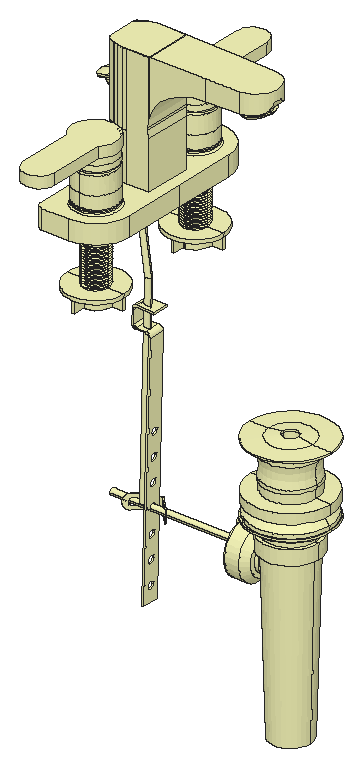
Revit family "SLC-6712", category Plumbing Fixtures, host Face, Revit 2019
Family settings
  Host = Face
  Round Connector Dimension = Use Diameter
  Part Type = Normal
  OmniClass Number = 23.65.70.11.11
  OmniClass Title = Fixtures for Liquids
  Cut with Voids When Loaded = No
  Shared = No
  Room Calculation Point = No
Parameters (values of type "1.5 GPM Flow Restrictor, Satin Nickel")
  z Has Trim = no
  z Has Rebuild Kit Trim Only = no
  Waste Connection = no
  Vent Connection = no
  URL = ""
  Product Material = Nickel - Symmons - Satin
  Model = ""
  Manufacturer = ""
  HW Connection = no
  Gallons Per Minute = 1.500 GPM
  Description = ""
  Default Elevation = 0.000"
  Date Modified = ""
  Date Created = ""
  CW Connection = no
Types (6): name | Product Material | Gallons Per Minute
  0.5 GPM Flow Restrictor, Polished Chrome | Chrome - Symmons - Polished | 0.500 GPM
  0.5 GPM Flow Restrictor, Satin Nickel | Nickel - Symmons - Satin | 0.500 GPM
  1.0 GPM Flow Restrictor, Satin Nickel | Nickel - Symmons - Satin | 1.000 GPM
  1.5 GPM Flow Restrictor, Satin Nickel | Nickel - Symmons - Satin | 1.500 GPM
  1.0 GPM Flow Restrictor, Polished Chrome | Chrome - Symmons - Polished | 1.000 GPM
  1.5 GPM Flow Restrictor, Polished Chrome | Chrome - Symmons - Polished | 1.500 GPM
Reference planes (in)
  plane 1 "Center (Front/Back)": y = 0
  plane 2 "Center (Elevation)": z = 0
  plane 3 "Center (Left/Right)": x = 0
  plane 4: z = 0
  plane 5: z = 0
  plane 6 "BP1": y = 2.7455
  plane 7 "BP2": y = 0.68907
Forms (in)
  Extrusion 1, solid, material "Default", not visible
    sketch origin (0.05, 0, 0) x (1, 0, 0) y (0, 1, 0)
      loop
        line (-1.33341, 3.70601) -> (-1.33341, -3.44131) -> (1.1847, -3.44131) -> (1.1847, 3.70601) -> (-1.33341, 3.70601)
    from 0 to -0.15
  Extrusion 2, solid, material "Nickel - Symmons - Satin" <- "Product Material"
    sketch origin (0, 0, 0) x (1, 0, 0) y (0, 1, 0)
      loop
        line (-0.04009, -2.90679) -> (0.03991, -2.90679) -> (0.03991, -2.55466)
        arc (0.03991, -2.55466) -> (0.40384, -2.40392) -> (0.55458, -2.04) r 0.51466
        line (0.55458, -2.04) -> (0.9067, -2.04) -> (0.9067, -1.96) -> (0.55458, -1.96)
        arc (0.55458, -1.96) -> (0.40384, -1.59608) -> (0.03991, -1.44534) r 0.51466
        line (0.03991, -1.44534) -> (0.03991, -1.09321) -> (-0.04009, -1.09321) -> (-0.04009, -1.44534)
        arc (-0.04009, -1.44534) -> (-0.40401, -1.59608) -> (-0.55475, -1.96) r 0.51466
        line (-0.55475, -1.96) -> (-0.90688, -1.96) -> (-0.90688, -2.04) -> (-0.55475, -2.04)
        arc (-0.55475, -2.04) -> (-0.40401, -2.40392) -> (-0.04009, -2.55466) r 0.51466
        line (-0.04009, -2.55466) -> (-0.04009, -2.90679)
    from -1.80746 to -2.17244
  Revolve 3, solid, material "Nickel - Symmons - Satin" <- "Product Material"
    sketch origin (0, 0, 0) x (1, 0, 0) y (0, 0, 1)
      loop
        line (4.92461, -5.34169) -> (4.67877, -13.99962) -> (5.31322, -14.01763) -> (5.46691, -8.60503) -> (5.59009, -8.60503) -> (5.59839, -8.12963) -> (5.47424, -8.12963) -> (5.47424, -7.87963) -> (5.6412, -7.88255) -> (5.7635, -7.83803) -> (5.7635, -7.71866) -> (5.64532, -7.66604) -> (5.98515, -7.67561) -> (5.98515, -7.61531) -> (5.94192, -7.61531) -> (5.94192, -7.50404) -> (5.69618, -7.1895) -> (5.96106, -7.19412) -> (5.9665, -6.88264) -> (5.50076, -6.86638) -> (5.50076, -6.56005) -> (5.53179, -6.56005) -> (5.53179, -6.45607)
        arc (5.53179, -6.45607) -> (5.48943, -6.12381) -> (5.54968, -5.79433) r 1.09294
        line (5.54968, -5.79433) -> (5.55544, -5.6293)
        arc (5.55544, -5.6293) -> (5.59884, -5.5065) -> (5.71326, -5.44429) r 0.1817
        arc (5.71326, -5.44429) -> (5.84998, -5.42686) -> (5.98685, -5.4107) r 14.87337
        line (5.98685, -5.4107) -> (5.98795, -5.37177) -> (5.37704, -5.35443)
        arc (5.37704, -5.35443) -> (5.15153, -5.32391) -> (4.92461, -5.30693) r 3.80249
        line (4.92461, -5.30693) -> (4.92461, -5.34169)
      axis (4.67769, -14.01763) -> (4.67769, -5.30693)
    angle from 0 to 360
  Revolve 4, solid, material "Nickel - Symmons - Satin" <- "Product Material"
    sketch origin (0, 0, 0) x (1, 0, 0) y (0, 0, 1)
      loop
        line (-1.02585, 2.86564) -> (-1.14651, 3.2603)
        arc (-1.14651, 3.2603) -> (-1.31268, 3.19839) -> (-1.46155, 3.10205) r 0.81622
        arc (-1.46155, 3.10205) -> (-1.4588, 3.07636) -> (-1.45001, 3.05206) r 0.10783
        arc (-1.45001, 3.05206) -> (-1.43691, 3.03945) -> (-1.41882, 3.04132) r 0.02159
        line (-1.41882, 3.04132) -> (-1.27452, 3.08381)
        arc (-1.27452, 3.08381) -> (-1.25468, 3.07559) -> (-1.24647, 3.05576) r 0.02805
        line (-1.24647, 3.05576) -> (-1.23162, 2.97156) -> (-1.1644, 2.83963)
        arc (-1.1644, 2.83963) -> (-1.15038, 2.831) -> (-1.13415, 2.83375) r 0.02338
        line (-1.13415, 2.83375) -> (-1.02585, 2.86564)
      axis (-1.02539, 2.86577) -> (-1.14196, 3.26164)
    angle from 0 to 360
  Revolve 5, solid, material "Nickel - Symmons - Satin" <- "Product Material"
    sketch origin (0, -2.00208, 0.00023) x (1, 0, 0) y (0, 0, 1)
      loop
        line (0, -1.81274) -> (0, -0.15018) -> (-0.44497, -0.15018) -> (-0.44497, -0.3019)
        arc (-0.44497, -0.3019) -> (-0.43522, -0.32544) -> (-0.41169, -0.33518) r 0.03328
        line (-0.41169, -0.33518) -> (-0.41169, -0.43998) -> (-0.36878, -0.46784) -> (-0.41264, -0.50465) -> (-0.36805, -0.54076) -> (-0.41376, -0.57521) -> (-0.3682, -0.6108) -> (-0.41418, -0.64672) -> (-0.36794, -0.68285) -> (-0.41413, -0.71766) -> (-0.36781, -0.75385) -> (-0.41458, -0.78909) -> (-0.36757, -0.82451) -> (-0.41373, -0.86057) -> (-0.36829, -0.89607) -> (-0.41362, -0.93148) -> (-0.36824, -0.96693) -> (-0.41404, -1.00402) -> (-0.36702, -1.03945) -> (-0.41303, -1.0754) -> (-0.3672, -1.10994) -> (-0.41359, -1.1449) -> (-0.36742, -1.1797) -> (-0.41331, -1.21685) -> (-0.36781, -1.2524) -> (-0.4122, -1.28708) -> (-0.36719, -1.32353) -> (-0.41193, -1.35849) -> (-0.36808, -1.39528) -> (-0.41364, -1.43088) -> (-0.36822, -1.46637) -> (-0.41275, -1.50243) -> (-0.36814, -1.53728) -> (-0.41285, -1.57349) -> (-0.36663, -1.60961) -> (-0.41589, -1.6441) -> (-0.36477, -1.67989) -> (-0.39382, -1.70023) -> (-0.91447, -1.70023) -> (-0.91447, -1.81274) -> (0, -1.81274)
      axis (0, -1.81274) -> (0, -0.15018)
    angle from 0 to 360
  Revolve 6, solid, material "Nickel - Symmons - Satin" <- "Product Material"
    sketch origin (0, 1.99792, 0.00017) x (1, 0, 0) y (0, 0, 1)
      loop
        line (0, -1.81274) -> (0, -0.15018) -> (-0.44497, -0.15018) -> (-0.44497, -0.3019)
        arc (-0.44497, -0.3019) -> (-0.43522, -0.32544) -> (-0.41169, -0.33518) r 0.03328
        line (-0.41169, -0.33518) -> (-0.41169, -0.43998) -> (-0.36878, -0.46784) -> (-0.41264, -0.50465) -> (-0.36805, -0.54076) -> (-0.41376, -0.57521) -> (-0.3682, -0.6108) -> (-0.41418, -0.64672) -> (-0.36794, -0.68285) -> (-0.41413, -0.71766) -> (-0.36781, -0.75385) -> (-0.41458, -0.78909) -> (-0.36757, -0.82451) -> (-0.41373, -0.86057) -> (-0.36829, -0.89607) -> (-0.41362, -0.93148) -> (-0.36824, -0.96693) -> (-0.41404, -1.00402) -> (-0.36702, -1.03945) -> (-0.41303, -1.0754) -> (-0.3672, -1.10994) -> (-0.41359, -1.1449) -> (-0.36742, -1.1797) -> (-0.41331, -1.21685) -> (-0.36781, -1.2524) -> (-0.4122, -1.28708) -> (-0.36719, -1.32353) -> (-0.41193, -1.35849) -> (-0.36808, -1.39528) -> (-0.41364, -1.43088) -> (-0.36822, -1.46637) -> (-0.41275, -1.50243) -> (-0.36814, -1.53728) -> (-0.41285, -1.57349) -> (-0.36663, -1.60961) -> (-0.41589, -1.6441) -> (-0.36477, -1.67989) -> (-0.39382, -1.70023) -> (-0.91447, -1.70023) -> (-0.91447, -1.81274) -> (0, -1.81274)
      axis (0, -1.81274) -> (0, -0.15018)
    angle from 0 to 360
  Extrusion 7, solid, material "Nickel - Symmons - Satin" <- "Product Material"
    sketch origin (0, 4, 0) x (1, 0, 0) y (0, 1, 0)
      loop
        line (-0.04009, -2.90679) -> (0.03991, -2.90679) -> (0.03991, -2.55466)
        arc (0.03991, -2.55466) -> (0.40384, -2.40392) -> (0.55458, -2.04) r 0.51466
        line (0.55458, -2.04) -> (0.9067, -2.04) -> (0.9067, -1.96) -> (0.55458, -1.96)
        arc (0.55458, -1.96) -> (0.40384, -1.59608) -> (0.03991, -1.44534) r 0.51466
        line (0.03991, -1.44534) -> (0.03991, -1.09321) -> (-0.04009, -1.09321) -> (-0.04009, -1.44534)
        arc (-0.04009, -1.44534) -> (-0.40401, -1.59608) -> (-0.55475, -1.96) r 0.51466
        line (-0.55475, -1.96) -> (-0.90688, -1.96) -> (-0.90688, -2.04) -> (-0.55475, -2.04)
        arc (-0.55475, -2.04) -> (-0.40401, -2.40392) -> (-0.04009, -2.55466) r 0.51466
        line (-0.04009, -2.55466) -> (-0.04009, -2.90679)
    from -1.80746 to -2.17244
  Extrusion 8, solid, material "Nickel - Symmons - Satin" <- "Product Material"
    sketch origin (0, 0, 0) x (1, 0, 0) y (0, 1, 0)
      loop
        line (-1.0826, 2.86299) -> (-1.0826, 0.00013) -> (-1.0826, -2.86273)
        arc (-1.0826, -2.86273) -> (-1.01823, -3.01814) -> (-0.86282, -3.08252) r 0.21979
        line (-0.86282, -3.08252) -> (-0.00009, -3.08252)
        arc (-0.00009, -3.08252) -> (0.76537, -2.76546) -> (1.08243, -2) r 1.08252
        line (1.08243, -2) -> (1.08243, 0.00013) -> (1.08243, 2.00026)
        arc (1.08243, 2.00026) -> (0.76537, 2.76572) -> (-0.00009, 3.08278) r 1.08252
        line (-0.00009, 3.08278) -> (-0.86282, 3.08278)
        arc (-0.86282, 3.08278) -> (-1.01823, 3.0184) -> (-1.0826, 2.86299) r 0.21979
    from 0.619 to 0
  Revolve 9, solid, material "Nickel - Symmons - Satin" <- "Product Material"
    sketch origin (0, 0, 0) x (0, 1, 0) y (0, 0, 1)
      loop
        line (-2, 2.59367) -> (-2, 0.619) -> (-1.30078, 0.619)
        arc (-1.30078, 0.619) -> (-1.33306, 0.63237) -> (-1.34643, 0.66465) r 0.04565
        line (-1.34643, 0.66465) -> (-1.34979, 0.71274)
        arc (-1.34979, 0.71274) -> (-1.35265, 0.73073) -> (-1.36887, 0.739) r 0.02007
        arc (-1.36887, 0.739) -> (-1.35196, 0.7451) -> (-1.34889, 0.76281) r 0.01789
        line (-1.34889, 0.76281) -> (-1.34889, 1.17863) -> (-1.35887, 1.75016)
        arc (-1.35887, 1.75016) -> (-1.36809, 1.78372) -> (-1.39647, 1.80386) r 0.05178
        line (-1.39647, 1.80386) -> (-1.42907, 1.805)
        arc (-1.42907, 1.805) -> (-1.44638, 1.81328) -> (-1.44957, 1.8322) r 0.02082
        line (-1.44957, 1.8322) -> (-1.37732, 1.8322)
        arc (-1.37732, 1.8322) -> (-1.35891, 1.83594) -> (-1.35517, 1.85435) r 0.01701
        line (-1.35517, 1.85435) -> (-1.35939, 2.04116) -> (-1.35939, 2.36474) -> (-1.36013, 2.40677) -> (-1.36013, 2.44146) -> (-1.36166, 2.52933) -> (-1.36166, 2.5847)
        arc (-1.36166, 2.5847) -> (-1.37055, 2.6009) -> (-1.3887, 2.60434) r 0.02165
        line (-1.3887, 2.60434) -> (-2, 2.59367)
      axis (-2, 0.619) -> (-2, 2.60434)
    angle from 0 to 360
  Revolve 10, solid, material "Nickel - Symmons - Satin" <- "Product Material"
    sketch origin (0, -0.00511, 0) x (0, -1, 0) y (0, 0, 1)
      loop
        line (-2, 2.59367) -> (-2, 0.619) -> (-1.30078, 0.619)
        arc (-1.30078, 0.619) -> (-1.33306, 0.63237) -> (-1.34643, 0.66465) r 0.04565
        line (-1.34643, 0.66465) -> (-1.34979, 0.71274)
        arc (-1.34979, 0.71274) -> (-1.35265, 0.73073) -> (-1.36887, 0.739) r 0.02007
        arc (-1.36887, 0.739) -> (-1.35196, 0.7451) -> (-1.34889, 0.76281) r 0.01789
        line (-1.34889, 0.76281) -> (-1.34889, 1.17863) -> (-1.35887, 1.75016)
        arc (-1.35887, 1.75016) -> (-1.36809, 1.78372) -> (-1.39647, 1.80386) r 0.05178
        line (-1.39647, 1.80386) -> (-1.42907, 1.805)
        arc (-1.42907, 1.805) -> (-1.44638, 1.81328) -> (-1.44957, 1.8322) r 0.02082
        line (-1.44957, 1.8322) -> (-1.37732, 1.8322)
        arc (-1.37732, 1.8322) -> (-1.35891, 1.83594) -> (-1.35517, 1.85435) r 0.01701
        line (-1.35517, 1.85435) -> (-1.35939, 2.04116) -> (-1.35939, 2.36474) -> (-1.36013, 2.40677) -> (-1.36013, 2.44146) -> (-1.36166, 2.52933) -> (-1.36166, 2.5847)
        arc (-1.36166, 2.5847) -> (-1.37055, 2.6009) -> (-1.3887, 2.60434) r 0.02165
        line (-1.3887, 2.60434) -> (-2, 2.59367)
      axis (-2, 0.619) -> (-2, 2.60434)
    angle from 0 to 360
  Extrusion 11, solid, material "Nickel - Symmons - Satin" <- "Product Material"
    sketch origin (0, 0, 0) x (1, 0, 0) y (0, 1, 0)
      loop
        line (-0.48871, 4.28064) -> (-0.48871, 2.55648)
        arc (-0.48871, 2.55648) -> (0.00086, 1.35256) -> (0.49043, 2.55648) r 0.7015
        line (0.49043, 2.55648) -> (0.49043, 4.28064)
        arc (0.49043, 4.28064) -> (0.00086, 4.77021) -> (-0.48871, 4.28064) r 0.48957
    from 2.65093 to 2.30212
  Extrusion 12, solid, material "Nickel - Symmons - Satin" <- "Product Material"
    sketch origin (0, 0, 0) x (1, 0, 0) y (0, 1, 0)
      loop
        arc (-0.48871, -4.28064) -> (0.00086, -4.77021) -> (0.49043, -4.28064) r 0.48957
        line (0.49043, -4.28064) -> (0.49043, -2.55648)
        arc (0.49043, -2.55648) -> (0.00086, -1.35256) -> (-0.48871, -2.55648) r 0.7015
        line (-0.48871, -2.55648) -> (-0.48871, -4.28064)
    from 2.65093 to 2.30212
  Revolve 13, solid, material "Nickel - Symmons - Satin" <- "Product Material"
    sketch origin (0, 0, 0) x (0, 1, 0) y (0, 0, 1)
      loop
        line (-2, -2.17244) -> (-2, -2.22533) -> (-1.63093, -2.22533) -> (-1.57804, -2.17244) -> (-1.44534, -2.17244) -> (-1.44534, -1.981)
        arc (-1.44534, -1.981) -> (-1.34604, -1.91834) -> (-1.29781, -1.81129) r 0.20375
        line (-1.29781, -1.81129) -> (-2, -1.81129) -> (-2, -2.17244)
      axis (-2, -2.22533) -> (-2, -1.81129)
    angle from 0 to 360
  Revolve 14, solid, material "Nickel - Symmons - Satin" <- "Product Material"
    sketch origin (0, 0, 0) x (0, -1, 0) y (0, 0, 1)
      loop
        line (-2, -2.17244) -> (-2, -2.22533) -> (-1.63093, -2.22533) -> (-1.57804, -2.17244) -> (-1.44534, -2.17244) -> (-1.44534, -1.981)
        arc (-1.44534, -1.981) -> (-1.34604, -1.91834) -> (-1.29781, -1.81129) r 0.20375
        line (-1.29781, -1.81129) -> (-2, -1.81129) -> (-2, -2.17244)
      axis (-2, -2.22533) -> (-2, -1.81129)
    angle from 0 to 360
  Extrusion 15, solid, material "Nickel - Symmons - Satin" <- "Product Material"
    sketch origin (0, 0, 0) x (1, 0, 0) y (0, 0, 1)
      loop
        arc (-0.10172, -3.78475) -> (-0.15589, -3.76231) -> (-0.17833, -3.70813) r 0.07661
        line (-0.17833, -3.70813) -> (-0.16615, -3.27548)
        arc (-0.16615, -3.27548) -> (-0.14241, -3.21817) -> (-0.0851, -3.19443) r 0.08105
        line (-0.0851, -3.19443) -> (0.46741, -3.20998) -> (0.46741, -3.15484) -> (-0.08355, -3.13933)
        arc (-0.08355, -3.13933) -> (-0.17927, -3.17586) -> (-0.22112, -3.26937) r 0.13386
        line (-0.22112, -3.26937) -> (-0.23352, -3.7096)
        arc (-0.23352, -3.7096) -> (-0.19537, -3.80169) -> (-0.10327, -3.83984) r 0.13024
        line (-0.10327, -3.83984) -> (0.20564, -3.84854)
        arc (0.20564, -3.84854) -> (0.28014, -3.8794) -> (0.31101, -3.95391) r 0.10537
        line (0.31101, -3.95391) -> (0.0916, -11.74765) -> (0.14674, -11.74765) -> (0.3661, -3.95546)
        arc (0.3661, -3.95546) -> (0.31862, -3.84083) -> (0.204, -3.79335) r 0.16211
        line (0.204, -3.79335) -> (-0.10172, -3.78475)
    from 0.25591 to -0.25591
  Revolve 16, solid, material "Nickel - Symmons - Satin" <- "Product Material"
    sketch origin (0, 0, 0) x (1, 0, 0) y (0, 0, 1)
      loop
        line (3.10199, -9.09547) -> (3.08965, -9.44895) -> (3.12038, -9.45003) -> (3.10783, -9.80938)
        arc (3.10783, -9.80938) -> (3.12813, -9.86833) -> (3.18463, -9.89468) r 0.07978
        line (3.18463, -9.89468) -> (3.64444, -9.91073) -> (3.86469, -9.69804) -> (3.86469, -9.55476) -> (4.01495, -9.55476) -> (4.05845, -9.51126) -> (4.07297, -9.09547) -> (3.10199, -9.09547)
      axis (4.07297, -9.09547) -> (3.08965, -9.09547)
    angle from 0 to 360
  Extrusion 17, solid, material "Nickel - Symmons - Satin" <- "Product Material"
    sketch origin (0, 0, 0) x (1, 0, 0) y (0, 1, 0)
      loop
        line (2.50976, 0.70606) -> (0.01012, 0.76157)
        arc (0.01012, 0.76157) -> (-0.36068, 0.71413) -> (-0.70107, 0.55961) r 1.25535
        arc (-0.70107, 0.55961) -> (-0.73496, 0.52391) -> (-0.74893, 0.47671) r 0.10535
        line (-0.74893, 0.47671) -> (-0.74893, -0.48631)
        arc (-0.74893, -0.48631) -> (-0.73739, -0.53274) -> (-0.70546, -0.56835) r 0.09914
        arc (-0.70546, -0.56835) -> (-0.27162, -0.73385) -> (0.19205, -0.75875) r 1.50011
        line (0.19205, -0.75875) -> (2.50976, -0.70606) -> (3.59459, -0.68239)
        arc (3.59459, -0.68239) -> (4.27698, 0) -> (3.59459, 0.68239) r 0.68239
        line (3.59459, 0.68239) -> (2.50976, 0.70606)
    from 4.51085 to 2.15141
  Revolve 18, solid, material "Nickel - Symmons - Satin" <- "Product Material"
    sketch origin (0, 0, 0) x (1, 0, 0) y (0, 0, 1)
      loop
        line (3.67848, 3.62337) -> (3.5455, 4.15673) -> (3.11171, 4.04857) -> (3.1376, 3.94475) -> (3.18706, 3.95708) -> (3.19756, 3.91496) -> (3.1481, 3.90263) -> (3.16147, 3.849) -> (3.21093, 3.86133) -> (3.25957, 3.66626) -> (3.31639, 3.59854) -> (3.20343, 3.57037) -> (3.25324, 3.53803) -> (3.3276, 3.55657)
        arc (3.3276, 3.55657) -> (3.33808, 3.54448) -> (3.35395, 3.54252) r 0.02229
        line (3.35395, 3.54252) -> (3.67848, 3.62337)
      axis (3.67848, 3.62337) -> (3.5455, 4.15673)
    angle from 0 to 360
  Extrusion 19, solid, material "Nickel - Symmons - Satin" <- "Product Material"
    sketch origin (0, 0, 0) x (1, 0, 0) y (0, 1, 0)
      loop
        line (-0.74893, 0.47671) -> (-0.74893, -0.48631)
        arc (-0.74893, -0.48631) -> (-0.73591, -0.53008) -> (-0.70107, -0.55961) r 0.08005
        arc (-0.70107, -0.55961) -> (-0.36036, -0.71422) -> (0.01078, -0.76156) r 1.25535
        line (0.01078, -0.76156) -> (0.71141, -0.74694) -> (0.71141, 0.746) -> (0.01012, 0.76157)
        arc (0.01012, 0.76157) -> (-0.36068, 0.71413) -> (-0.70107, 0.55961) r 1.25535
        arc (-0.70107, 0.55961) -> (-0.73611, 0.52457) -> (-0.74893, 0.47671) r 0.09573
    from 4.51085 to 0.619
  Extrusion 20, void
    sketch origin (0, 0, 0) x (1, 0, 0) y (0, 0, 1)
      loop
        line (0.81457, 1.84402) -> (4.29366, 1.48169) -> (4.29366, 4.19683) -> (4.25976, 4.19683)
        arc (4.25976, 4.19683) -> (4.22392, 4.04855) -> (4.12502, 3.9324) r 0.32884
        arc (4.12502, 3.9324) -> (3.12811, 3.84721) -> (2.12776, 3.82772) r 15.2183
        arc (2.12776, 3.82772) -> (1.70124, 3.72077) -> (1.30577, 3.52854) r 2.1306
        arc (1.30577, 3.52854) -> (0.73772, 2.78031) -> (0.81457, 1.84402) r 1.31377
    from 1.03281 to -0.92267
  Extrusion 21, solid, material "Nickel - Symmons - Satin" <- "Product Material"
    sketch origin (0, 0, 0) x (0, 1, 0) y (0, 0, 1)
      loop
        circle (0.00161, -8.97665) r 0.0937
    from 3.27306 to -1.06857
  Extrusion 22, void
    sketch origin (0, 0, 0) x (0, 1, 0) y (0, 0, 1)
      loop
        circle (-0.00158, -11.2555) r 0.12748
      loop
        circle (-0.00158, -10.5055) r 0.12748
      loop
        circle (-0.00158, -9.7555) r 0.12748
      loop
        circle (-0.00158, -8.2555) r 0.12748
      loop
        circle (-0.00158, -7.5055) r 0.12748
      loop
        circle (-0.00158, -6.7555) r 0.12748
      loop
        circle (-0.00158, -8.97064) r 0.12748
    from 0.51679 to -0.5
  Extrusion 23, solid, material "Nickel - Symmons - Satin" <- "Product Material"
    sketch origin (0, 0, 0) x (0, 1, 0) y (0, 0, 1)
      loop
        arc (0.35433, -9.03406) -> (0.26256, -8.84518) -> (0.07874, -8.74367) r 0.34745
        line (0.07874, -8.74367) -> (0.07874, -8.37783)
        arc (0.07874, -8.37783) -> (0, -8.29909) -> (-0.07874, -8.37783) r 0.07874
        line (-0.07874, -8.37783) -> (-0.07874, -8.74364)
        arc (-0.07874, -8.74364) -> (-0.26526, -8.84261) -> (-0.35433, -9.03406) r 0.33188
        line (-0.35433, -9.03406) -> (-0.52362, -9.03406)
        arc (-0.52362, -9.03406) -> (-0.58659, -9.09702) -> (-0.52362, -9.15999) r 0.06297
        line (-0.52362, -9.15999) -> (-0.35433, -9.15999)
        arc (-0.35433, -9.15999) -> (-0.25917, -9.34619) -> (-0.07874, -9.45188) r 0.37285
        line (-0.07874, -9.45188) -> (-0.07874, -9.60752) -> (-0.07874, -9.83327)
        arc (-0.07874, -9.83327) -> (0, -9.91201) -> (0.07874, -9.83327) r 0.07874
        line (0.07874, -9.83327) -> (0.07874, -9.60752) -> (0.07874, -9.45188)
        arc (0.07874, -9.45188) -> (0.26296, -9.34977) -> (0.35433, -9.15999) r 0.3474
        line (0.35433, -9.15999) -> (0.52362, -9.15999)
        arc (0.52362, -9.15999) -> (0.58659, -9.09702) -> (0.52362, -9.03406) r 0.06297
        line (0.52362, -9.03406) -> (0.35433, -9.03406)
    from 3.51646 to 3.00611
  Sweep 24, solid, material "Nickel - Symmons - Satin" <- "Product Material"
    path origin (0, 0, 0) x (1, 0, 0) y (0, 0, 1)
      loop
        line (-0.06298, -8.93814) -> (0.09314, -2.35336) -> (-0.21301, -0.17499) -> (-1.02494, 2.85516)
    profile origin (-0.05994, 0, -1.26418) x (-0.990268, 0, -0.139173) y (0, -1, 0)
      loop
        circle (-0.00182, 0) r 0.0942
  Extrusion 25, solid, material "Nickel - Symmons - Satin" <- "Product Material"
    sketch origin (-1.98508, 2.69872, 2.82608) x (0.694624, -0.719373, 0) y (0, 0, 1)
      loop
        line (3.40693, -11.57337) -> (3.40693, -12.04581) -> (3.87646, -12.04581)
        arc (3.87646, -12.04581) -> (4.11268, -11.80959) -> (3.87646, -11.57337) r 0.23622
        line (3.87646, -11.57337) -> (3.40693, -11.57337)
      loop
        circle (3.81868, -11.80933) r 0.13874
    from 0 to 0.01181
  Extrusion 26, solid, material "Nickel - Symmons - Satin" <- "Product Material"
    sketch origin (2.30044, 2.69872, 2.82608) x (-0.694624, -0.719373, 0) y (0, 0, -1)
      loop
        line (3.41247, 11.57337) -> (3.87646, 11.57337)
        arc (3.87646, 11.57337) -> (4.11268, 11.80959) -> (3.87646, 12.04581) r 0.23622
        line (3.87646, 12.04581) -> (3.41247, 12.04581) -> (3.41247, 11.57337)
      loop
        circle (3.81868, 11.80933) r 0.13874
    from 0 to 0.01181
  Extrusion 27, solid, material "Nickel - Symmons - Satin" <- "Product Material"
    sketch origin (-4.7362, 0.04225, 2.82608) x (0, 1, 0) y (-1, 0, 0)
      loop
        arc (0.21651, -5.05656) -> (0.2101, -5.08802) -> (0.19192, -5.11447) r 0.0805
        line (0.19192, -5.11447) -> (0.1705, -5.15158) -> (0.20096, -5.12217)
        arc (0.20096, -5.12217) -> (0.22119, -5.09273) -> (0.22832, -5.05772) r 0.08959
        line (0.22832, -5.05772) -> (0.22832, -4.73005)
        arc (0.22832, -4.73005) -> (0.22119, -4.69504) -> (0.20096, -4.6656) r 0.08959
        line (0.20096, -4.6656) -> (0.1705, -4.63619) -> (0.19192, -4.6733)
        arc (0.19192, -4.6733) -> (0.2101, -4.69975) -> (0.21651, -4.73121) r 0.0805
        line (0.21651, -4.73121) -> (0.21651, -5.05656)
    from -11.57337 to -12.04581
Cuts and joins
  Extrusion 20 cuts Extrusion 17
  joined: Extrusion 8, Extrusion 17
  Extrusion 20 cuts Extrusion 19
  Extrusion 22 cuts Extrusion 15
Dimensions and locks (in)
  plane 4 to plane 2 "Center (Elevation)" = 0.000"
  plane 5 to plane 4 = 0.000"
  aligned and locked: plane 2 "Center (Elevation)" to Extrusion 1
Connectors (in)
  piping at (0, -2.00208, -1.7), diameter 0.5
    settings: on Revolve 5, index 1, connector inside diameter 24", connector length 0.000", flow factor 0, pipe flow 0.000 GPM, pressure drop 0.00 psi, fitting loss kfactor 0, connector angle 0.000°, fixture units 0, engagement length 0.000", angle of deflection 0.000°, flow configuration 0, flow direction 1, fitting loss method 0, system type 19, joint type 0, gender type 0, connector reference index -1, connector utility 0, adjustable connector no, is connector primary yes, connector description "Hot water supply"
  piping at (0, 2, -2.22533), diameter 0.5
    settings: on Revolve 14, index 2, connector inside diameter 24", connector length 0.000", flow factor 0, pipe flow 0.000 GPM, pressure drop 0.00 psi, fitting loss kfactor 0, connector angle 0.000°, fixture units 0, engagement length 0.000", angle of deflection 0.000°, flow configuration 0, flow direction 1, fitting loss method 0, system type 20, joint type 0, gender type 0, connector reference index -1, connector utility 0, adjustable connector no, is connector primary no, connector description "Cold water supply"
